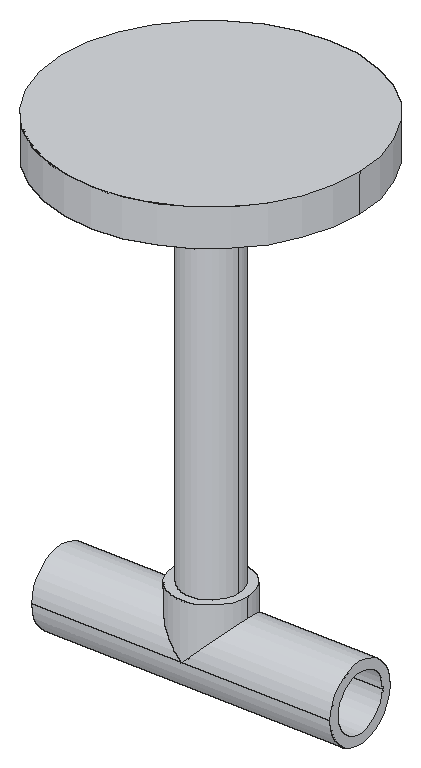
Revit family "Globe Valve - 0.375-2 Inch - Threaded", category Pipe Accessories, Revit 2024
Family settings
  Round Connector Dimension = Use Radius
  Part Type = Valve - Breaks Into
  OmniClass Number = 23.65.55.14.17
  OmniClass Title = Adjusting/Controlling Valves for Liquid Services
  Work Plane-Based = No
  Always vertical = Yes
  Cut with Voids When Loaded = No
  Shared = No
Parameters (values of type "3/8"")
  Valve Material = none
  Stem Radius = 0' - 0 3/16"
  Stem Diameter = Stem Radius * 2  # 0' - 0 3/8"
  Pipe Radius = 0' - 0 1/4"
  Pipe Length = 0' - 2"
  Pipe Diameter = Pipe Radius * 2  # 0' - 0 1/2"
  Overall Height = 0' - 3 3/16"
  Nominal Radius = 3/16"
  Nominal Diameter = Nominal Radius * 2  # 3/8"
  K Coefficient = 20
  Hand Wheel Thickness = 0' - 0 1/4"
  Hand Wheel Radius = 0' - 1"
  Hand Wheel Material = none
  Hand Wheel Diameter = Hand Wheel Radius * 2  # 0' - 2"
  Half Pipe Length = Pipe Length * 0.5  # 0' - 1"
  Default Elevation = 0' - 0"
  Bonnet Radius = 0' - 0 1/4"
  Bonnet Height = 0' - 0 3/8"
  Bonnet Diameter = Bonnet Radius * 2  # 0' - 0 1/2"
Types (7): name | Stem Radius | Stem Diameter | Pipe Radius | Pipe Length | Pipe Diameter | Overall Height | Nominal Radius | Nominal Diameter | K Coefficient | Hand Wheel Thickness | Hand Wheel Radius | Hand Wheel Diameter | Half Pipe Length | Bonnet Radius | Bonnet Height | Bonnet Diameter
  1" | 0' - 0 1/4" | 0' - 0 1/2" | 0' - 0 5/8" | 0' - 3 11/16" | 0' - 1 1/4" | 0' - 4 3/8" | 1/2" | 1" | 9 | 0' - 0 3/8" | 0' - 1 3/8" | 0' - 2 3/4" | 0' - 1 27/32" | 0' - 0 5/8" | 0' - 0 15/16" | 0' - 1 1/4"
  1/2" | 0' - 0 7/32" | 0' - 0 7/16" | 0' - 0 5/16" | 0' - 2 3/8" | 0' - 0 5/8" | 0' - 3 3/4" | 1/4" | 1/2" | 14 | 0' - 0 5/16" | 0' - 1 7/32" | 0' - 2 7/16" | 0' - 1 3/16" | 0' - 0 5/16" | 0' - 0 1/2" | 0' - 0 5/8"
  1 1/2" | 0' - 0 11/32" | 0' - 0 11/16" | 0' - 0 15/16" | 0' - 4 3/4" | 0' - 1 7/8" | 0' - 5 5/8" | 3/4" | 1 1/2" | 8 | 0' - 0 7/16" | 0' - 1 3/4" | 0' - 3 1/2" | 0' - 2 3/8" | 0' - 0 15/16" | 0' - 1 3/8" | 0' - 1 7/8"
  1 1/4" | 0' - 0 9/32" | 0' - 0 9/16" | 0' - 0 25/32" | 0' - 4 3/16" | 0' - 1 9/16" | 0' - 5 1/8" | 5/8" | 1 1/4" | 8.5 | 0' - 0 3/8" | 0' - 1 9/16" | 0' - 3 1/8" | 0' - 2 3/32" | 0' - 0 25/32" | 0' - 1 3/16" | 0' - 1 9/16"
  2" | 0' - 0 3/8" | 0' - 0 3/4" | 0' - 1 1/4" | 0' - 5 15/16" | 0' - 2 1/2" | 0' - 6 11/16" | 1" | 2" | 7 | 0' - 0 1/2" | 0' - 2" | 0' - 4" | 0' - 2 31/32" | 0' - 1 1/4" | 0' - 1 7/8" | 0' - 2 1/2"
  3/8" | 0' - 0 3/16" | 0' - 0 3/8" | 0' - 0 1/4" | 0' - 2" | 0' - 0 1/2" | 0' - 3 3/16" | 3/16" | 3/8" | 20 | 0' - 0 1/4" | 0' - 1" | 0' - 2" | 0' - 1" | 0' - 0 1/4" | 0' - 0 3/8" | 0' - 0 1/2"
  3/4" | 0' - 0 1/4" | 0' - 0 1/2" | 0' - 0 15/32" | 0' - 3 3/16" | 0' - 0 15/16" | 0' - 4" | 3/8" | 3/4" | 10 | 0' - 0 5/16" | 0' - 1 1/4" | 0' - 2 1/2" | 0' - 1 19/32" | 0' - 0 15/32" | 0' - 0 3/4" | 0' - 0 15/16"
Reference planes (in)
  plane 1 "Center (Front/Back)": y = 0
  plane 2: z = 0
  plane 3 "Center (Left/Right)": x = 0
  plane 4: x = -1
  plane 5: x = 1
  plane 6: z = 0.375
  plane 7: z = 3.1875
  plane 8: z = 2.9375
  plane 9: y = 0.25
  plane 10: y = -0.25
Forms (in)
  Extrusion 1, solid, material <- "Valve Material", detail levels fine
    sketch origin (0, 1, 0) x (0, 1, 0) y (0, 0, 1)
      loop
        circle (-1, 0) r 0.25
    from -1 to 1
  Extrusion 2, void
    sketch origin (0, 0, 0) x (0, 1, 0) y (0, 0, 1)
      loop
        circle (0, 0) r 0.1875
    from -1 to 1
  Extrusion 3, solid, material <- "Valve Material", detail levels fine
    sketch origin (0, 0, 0) x (1, 0, 0) y (0, 1, 0)
      loop
        circle (0, 0) r 0.25
    from 0 to 0.375
  Extrusion 4, solid, material <- "Valve Material", detail levels fine
    sketch origin (0, 0, 0) x (1, 0, 0) y (0, 1, 0)
      loop
        circle (0, 0) r 0.1875
    from 0.375 to 2.9375
  Extrusion 5, solid, material <- "Hand Wheel Material", detail levels fine
    sketch origin (0, 0, 0) x (1, 0, 0) y (0, 1, 0)
      loop
        circle (0, 0) r 1
    from 2.9375 to 3.1875
Cuts and joins
  Extrusion 2 cuts Extrusion 1
  joined: Extrusion 3, Extrusion 4
Lines and regions (in)
  model lines, detail levels coarse+medium
    curve 1: circle (0, 0, 0) r 0.1875 normal (0, 0, 1)
    curve 2: line (-1, 0.25, 0) -> (-1, -0.25, 0)
    curve 3: line (1, 0.25, 0) -> (1, -0.25, 0)
    curve 4: line (-1, 0.25, 0) -> (1, -0.25, 0)
    curve 5: line (1, 0.25, 0) -> (-1, -0.25, 0)
Dimensions and locks (in)
  equal spacing: plane 4, plane 3 "Center (Left/Right)", plane 5
  "Half Pipe Length": plane 4 to plane 3 "Center (Left/Right)"
  "Bonnet Height": plane 6 to plane 2
  "Overall Height": plane 7 to plane 2
  "Hand Wheel Thickness": plane 7 to plane 8
  equal spacing: plane 9, plane 1 "Center (Front/Back)", plane 10
  "Pipe Radius": plane 9 to plane 1 "Center (Front/Back)"
  "Pipe Radius": radius of Extrusion 1 sketch curve
  "Nominal Radius": radius of Extrusion 2 sketch curve
  "Bonnet Radius": radius of Extrusion 3 sketch curve
  "Stem Radius": radius of Extrusion 4 sketch curve
  "Hand Wheel Radius": radius of Extrusion 5 sketch curve
  "Stem Radius": radius of curve 1
  aligned and locked: plane 1 "Center (Front/Back)" to Extrusion 1 sketch curve
  aligned and locked: plane 2 to Extrusion 1 sketch curve
  aligned and locked: Extrusion 1 to plane 4
  aligned and locked: plane 5 to Extrusion 1
  aligned and locked: plane 1 "Center (Front/Back)" to Extrusion 2 sketch curve
  aligned and locked: plane 2 to Extrusion 2 sketch curve
  aligned and locked: Extrusion 2 to plane 4
  aligned and locked: plane 5 to Extrusion 2
  aligned and locked: plane 3 "Center (Left/Right)" to Extrusion 3 sketch curve
  aligned and locked: plane 1 "Center (Front/Back)" to Extrusion 3 sketch curve
  aligned and locked: Extrusion 3 to plane 2
  aligned and locked: plane 6 to Extrusion 3
  aligned and locked: plane 3 "Center (Left/Right)" to Extrusion 4 sketch curve
  aligned and locked: plane 1 "Center (Front/Back)" to Extrusion 4 sketch curve
  aligned and locked: Extrusion 4 to plane 6
  aligned and locked: plane 8 to Extrusion 4
  aligned and locked: plane 3 "Center (Left/Right)" to Extrusion 5 sketch curve
  aligned and locked: plane 1 "Center (Front/Back)" to Extrusion 5 sketch curve
  aligned and locked: plane 7 to Extrusion 5
  aligned and locked: Extrusion 5 to plane 8
  aligned and locked: cut or joined group of Extrusion 1, Extrusion 2 to plane 4
  aligned and locked: plane 5 to cut or joined group of Extrusion 1, Extrusion 2
  aligned and locked: plane 3 "Center (Left/Right)" to curve 1
  aligned and locked: plane 1 "Center (Front/Back)" to nested 1
  aligned and locked: plane 10 to cut or joined group of Extrusion 1, Extrusion 2
  aligned and locked: curve 2 to plane 4
  aligned and locked: plane 9 to curve 2
  aligned and locked: plane 9 to curve 3
  aligned and locked: plane 10 to curve 3
  aligned and locked: plane 5 to curve 5
  aligned and locked: plane 5 to curve 4
  aligned and locked: plane 4 to curve 5
  aligned and locked: plane 10 to curve 5
Automatic sketch dimensions
  curve 1 to plane 1 "Center (Front/Back)" = 0' - 0"
Nested families (in)
  nested 1: "Valve Symbol" at (0, 0, 0), type "Valve Symbol", detail levels coarse+medium
Connectors (in)
  piping at (-1, 0, 0), diameter 0.375, driven by "Nominal Radius"
    settings: on cut or joined group of Extrusion 1, Extrusion 2, index 1, connector inside diameter 3/8", connector length 0' - 0", flow factor 0, pipe flow 0 GPM, pressure drop 0.00 psi, fitting loss kfactor 0, connector angle 0.00°, fixture units 0, engagement length 0' - 0", angle of deflection 0.00°, flow configuration 0, flow direction 0, fitting loss method 2, system type 29, joint type 0, gender type 0, connector reference index 2, connector utility 0, adjustable connector no, is connector primary yes, connector description ""
  piping at (1, 0, 0), diameter 0.375, driven by "Nominal Radius", driven by "K Coefficient"
    settings: on cut or joined group of Extrusion 1, Extrusion 2, index 2, connector inside diameter 3/8", connector length 0' - 0", flow factor 0, pipe flow 0 GPM, pressure drop 0.00 psi, fitting loss kfactor 20, connector angle 0.00°, fixture units 0, engagement length 0' - 0", angle of deflection 0.00°, flow configuration 0, flow direction 0, fitting loss method 2, system type 29, joint type 0, gender type 0, connector reference index 1, connector utility 0, adjustable connector no, is connector primary no, connector description ""
Definition of nested family "Valve Symbol"
  Parameters
    Radius = 3' - 4"
  Reference planes (in)
    plane 1 "Center (Front/Back)": y = 0
    plane 2: z = 0
    plane 3 "Center (Left/Right)": x = 0
  Lines and regions (in)
    Filled region 1, type "Solid Fill - Black", in view "Ref. Level"
      outline origin (0, 0, 0) x (1, 0, 0) y (0, 1, 0)
        loop
          circle (0, 0) r 40
  Dimensions and locks (in)
    "Radius": radius of Filled region 1 sketch curve
  Automatic sketch dimensions
    Filled region 1 sketch curve to plane 1 "Center (Front/Back)" = 0' - 0"
    Filled region 1 sketch curve to plane 3 "Center (Left/Right)" = 0' - 0"
